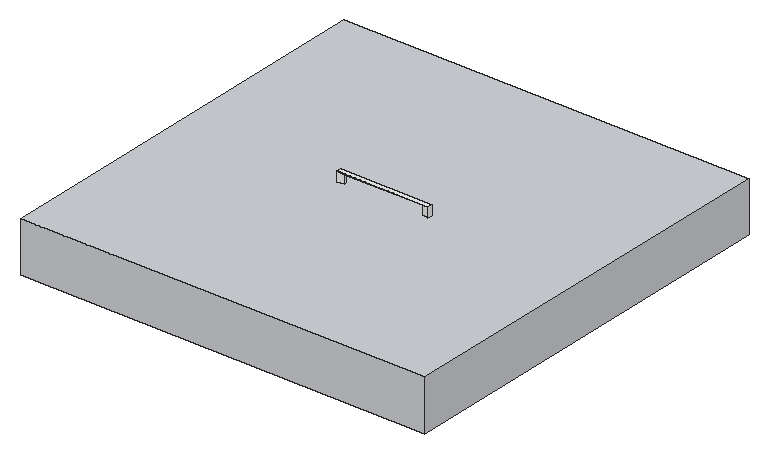
Revit family "Towel_Bar-Grohe-Selection_Cube-40807000", category Specialty Equipment, host Face, Revit 2014
Parameters (values of type "40807000")
  Width = 18 7/64"  # constant formula
  URL = "https://www.grohe.us"
  Type Comments = ""
  Product Page URL = "https://www.grohe.ca/en_ca/selection-cube-grip-bar-towel-bar-40807000.html"
  Price = "Prices may vary. Please consult Manufacturer Representative for most up-to-date price list."  # constant formula
  Model = "40807000"
  Material = "Metal-Grohe-000-Chrome"
  Manufacturer = "Grohe"
  Length = 2 93/256"  # constant formula
  Installation Type = "Wall Mounted"
  Finish = Metal-Grohe-000-Chrome
  Description = "Selection Cube Grip bar/towel bar"
  Default Elevation = 40"  # constant formula
  Creation Date = "8/1/2017"  # constant formula
  Assembly Code = "D2010710"
Reference planes (in)
  plane 1 "Center (Front/Back)": y = 0
  plane 2: z = 0
  plane 3 "Center (Left/Right)": x = 0
  plane 4: z = 2.3622
  plane 5: x = 9.05512
  plane 6: x = -9.05512
  plane 7: x = 9.84252
  plane 8: x = 8.26772
  plane 9: x = -9.84252
  plane 10: x = -8.26772
  plane 11: z = 1.9685
  plane 12: y = 0.5
  plane 13: y = -0.5
  plane 14: x = 10.82677
  plane 15: x = -10.82677
Forms (in)
  Extrusion 1, solid
    sketch origin (0, 0, 0) x (1, 0, 0) y (0, 1, 0)
      loop
        line (-48, 48) -> (-48, -48) -> (48, -48) -> (48, 48) -> (-48, 48)
    from 0 to -12
  Extrusion 2, solid, material "Metal-Grohe-000-Chrome" <- "Finish"
    sketch origin (0.98425, 0, 0) x (1, 0, 0) y (0, 1, 0)
      loop
        line (-11.81102, -0.5) -> (-10.23622, -0.27868) -> (-10.23622, 0.27868) -> (-11.81102, 0.5) -> (-11.81102, -0.5)
      loop
        line (9.84252, -0.5) -> (9.84252, 0.5) -> (8.26772, 0.27868) -> (8.26772, -0.27868) -> (9.84252, -0.5)
    from 0 to 2.3622
  Extrusion 3, solid, material "Metal-Grohe-000-Chrome" <- "Finish"
    sketch origin (0, 0, 0) x (0, 1, 0) y (0, 0, 1)
      loop
        line (0.5, 2.3622) -> (-0.5, 2.3622) -> (-0.27868, 1.9685) -> (0.27868, 1.9685) -> (0.5, 2.3622)
    from -10.82677 to 10.82677
Cuts and joins
  joined: Extrusion 2, Extrusion 3
Lines and regions (in)
  Masking region 1
    outline origin (0, 0, 0) x (1, 0, 0) y (0, 0, 1)
      loop
        line (9.25197, 0) -> (10.82677, 0) -> (10.82677, 2.3622) -> (-10.82677, 2.3622) -> (-10.82677, 0) -> (-9.25197, 0) -> (-9.25197, 1.9685) -> (9.25197, 1.9685) -> (9.25197, 0)
  symbolic lines, style "PlumbingFixtures", detail levels medium+fine
    curve 1: line (10.82677, 0, 2.3622) -> (9.25197, 0, 1.9685)
    curve 2: line (-10.82677, 0, 2.3622) -> (-9.25197, 0, 1.9685)
Dimensions and locks (in)
  plane 9 to plane 10 = 1.5748"
  plane 8 to plane 7 = 1.5748"
  level to plane 4 = 2.3622"
  equal spacing: plane 15, plane 3 "Center (Left/Right)", plane 14
  plane 15 to plane 14 = 21.65354"
  aligned and locked: plane 2 to Extrusion 1
  aligned and locked: level to Extrusion 1
Automatic sketch dimensions
  curve 2 to plane 4 = 0"
  curve 2 to plane 9 = 0.98425"
  plane 10 to curve 2 = 0.98425"
  curve 1 to plane 11 = 0"
  curve 1 to plane 4 = 0"
  plane 14 to curve 1 = 0"
  curve 2 to plane 11 = 0"
  curve 1 to plane 5 = 0.19685"
  Extrusion 1 sketch curve to Extrusion 1 sketch curve = 96"  (x2)
  Extrusion 2 sketch curve to plane 9 = 0.98425"
  plane 10 to Extrusion 2 sketch curve = 0.98425"
  plane 8 to Extrusion 2 sketch curve = 0.98425"
  Extrusion 2 sketch curve to plane 7 = 0.98425"
  plane 13 to Extrusion 2 sketch curve = 0"  (x2)
  Extrusion 2 sketch curve to plane 12 = 0"  (x2)
  Extrusion 2 sketch curve to plane 13 = 0.22132"  (x2)
  Extrusion 2 sketch curve to plane 12 = 0.22132"  (x2)
  Extrusion 3 sketch curve to plane 4 = 0"
  Extrusion 3 sketch curve to plane 13 = 0"
  Extrusion 3 sketch curve to plane 11 = 0"
  Extrusion 3 sketch curve to plane 12 = 0"
  Extrusion 3 sketch curve to plane 13 = 0.22132"
  Extrusion 3 sketch curve to plane 12 = 0.22132"
  Masking region 1 sketch curve to level = 0"  (x2)
  Masking region 1 sketch curve to plane 9 = 0.98425"
  plane 10 to Masking region 1 sketch curve = 0.98425"
  plane 8 to Masking region 1 sketch curve = 0.98425"
  Masking region 1 sketch curve to plane 7 = 0.98425"
  Masking region 1 sketch curve to plane 11 = 0"
  Masking region 1 sketch curve to plane 4 = 0"
